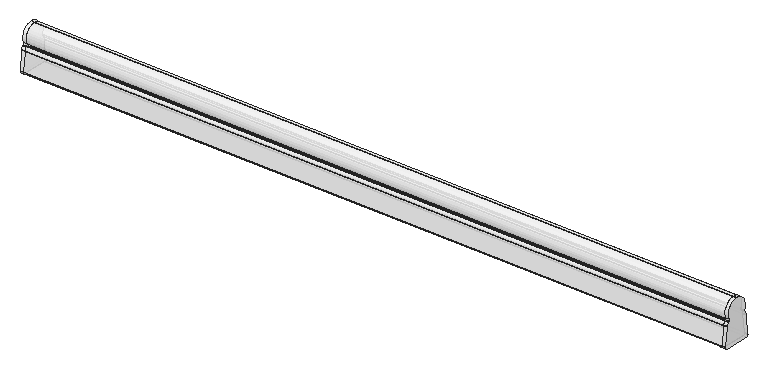
Revit family "0051032 Sylvania Lighting Fixture LED PIPE G2 L600 NW", category Lighting Fixtures, host Face, Revit 2016
Family settings
  Host = Face
  Part Type = Normal
  Round Connector Dimension = Use Diameter
  OmniClass Number = 23.80.70.00
  OmniClass Title = Lighting
  Cut with Voids When Loaded = No
  Light Source = Yes
  Shared = No
  Room Calculation Point = No
Parameters (values of type "0051032 LED PIPE G2 L600 NW")
  Width_SYL = 24 mm
  Weight = "3.76 kg"
  Wattage Comments = ""
  Wattage = 7 W
  WarrantyStartDate [instance] = "n/a"
  WarrantyGuarantorParts = "n/a"
  WarrantyDurationUnit = "n/a"
  WarrantyDurationParts = "n/a"
  WarrantyDescription = "n/a"
  built-in parameter 1150110 = 1 (stored number, unit not read)
  Voltage = 230 V
  URL = "http://www.sylvania-lighting.com"
  TypeName = "LED PIPE G2 L600 NW"
  Type Image = <None>
  Type Comments = "n/a"
  built-in parameter 1114217 = 1 (stored number, unit not read)
  Tilt Angle = -90.00°
  built-in parameter 1150109 = 1 (stored number, unit not read)
  built-in parameter 1150134 = 12
  built-in parameter 1150113 = 1 (stored number, unit not read)
  SerialNumber [instance] = "n/a"
  RadiusTop_SYL = 9.1 mm
  RadiusSmall_SYL = 1.002 mm
  RadiusShoulder_SYL = 4.5 mm
  RadiusBottom_SYL = 1.5 mm
  Photometric Web File = "0051032.ies"
  Material_3_FEILO = none
  PowerFactor = 0.9
  PowerConsumption = "7 W"
  NominalLength = 600 mm
  NominalHeight = 35 mm
  NominalDepth = 24 mm
  Name = "LED PIPE G2 L600 NW"
  ModelReference = Name  # "LED PIPE G2 L600 NW"
  ModelNumber = "0051032"
  Model = Name  # "LED PIPE G2 L600 NW"
  Material = "pc housing, pc diffuser"
  ManufacturerName = "Feilo Sylvania"
  Manufacturer = "Feilo Sylvania"
  LuminousEfficacy = "100 lm/W"
  built-in parameter 1150105 = 140.86 (stored number, unit not read)
  Lumens = 700 lm
  LuminaireType = ""
  built-in parameter 1150115 = 1 (stored number, unit not read)
  LightOutputRatio = "n/a"
  built-in parameter 1150137 = (empty or 0)
  built-in parameter 1150139 = (empty or 0)
  Length_SYL = 600 mm
  LampsType = Lamp  # "LED"
  LampNominalLuminous = "700 lm"
  LampMacAdamStep = "6"
  LampColourTemperature = "4000 K"
  LampColourRenderingIndex = "80"
  built-in parameter 1150112 = 1 (stored number, unit not read)
  built-in parameter 1150114 = 1 (stored number, unit not read)
  Lamp = "LED"
  Keynote = "16500"
  InstallationDate [instance] = "n/a"
  InputVoltage = "220-240V~"
  InputNominalFrequency = "50/60 Hz"
  built-in parameter 1150132 = (empty or 0)
  built-in parameter 1150102 = (empty or 0)
  built-in parameter 1150107 = 4000 (stored number, unit not read)
  built-in parameter 1150138 = (empty or 0)
  IngressProtection = "IP20"
  ImpactProtectionIndex = "IK02"
  built-in parameter 1150106 = 1.4086 (stored number, unit not read)
  IfcExportType = "IfcLightFixtureType"
  IfcExportAs = "IfcLightFixtureType"
  Height_SYL = 35 mm
  ExpectedLife = 50000
  built-in parameter 1150127 = 10 mm
  Emit from Rectangle Length = Length_SYL - 6 mm  # 594 mm
  Emit Shape Visible in Rendering = no
  ElectricShockClassification = "Class II"
  built-in parameter 1150104 = 9.2903 (stored number, unit not read)
  DurationUnit = "hours"
  DocumentationLiterature = "http://www.sylvania-lighting.com/product/en-int/products/0051032"
  DimmingControlOptions = "n/a"
  Material_2_FEILO = LED-Sylvania-ledpipe
  Dimming Lamp Color Temperature Shift = <None>
  Description = "LED T5 replacement batten, seamless linking (up to 10M), Ideal for direct lighting such as under cabinet or in kitchens, 150 degree beam angle, includes switch, includes 0.30m stripped cable, white polycarbonate body, includes standard and tilting brackets"
  Default Elevation = 1219.2 mm
  CreatedOn = "6/11/2018"
  CreatedBy = "aron.fodor@sylvania-lighting.com"
  Cost = 0
  Color Filter = 16777215
  built-in parameter 1114216 [instance] = (empty or 0)
  ClassificationValue = "EF_70_80"
  ClassificationName = "Uniclass2015"
  Material_1_FEILO = Body-Sylvania-ledpipe
  BarCode [instance] = "n/a"
  built-in parameter 1114218 = 1 (stored number, unit not read)
  Emit from Rectangle Width = 3048 mm
  AssetType = "Fixed"
  AssetIdentifier [instance] = "n/a"
  Assembly Code = "D5020200"
  Apparent Load = 7 VA
  Material_4_FEILO = none
Reference planes
  plane 1 "Center (Front/Back)": y = 0
  plane 2: z = 0
  plane 3 "Center (Left/Right)": x = 0
  plane 4: y = 12
  plane 5: y = -12
  plane 6: z = 35
  plane 7: z = 25.8
  plane 8: y = -10
  plane 9: z = 18.8
  plane 10: z = 21
  plane 11: x = 300
  plane 12: x = -300
  plane 13: x = 297
  plane 14: x = -297
Forms (mm)
  Extrusion 1, solid, material "Body-Sylvania-ledpipe" <- "Material_1_FEILO"
    sketch origin (0, 0, 0) x (0, 1, 0) y (0, 0, 1)
      loop
        arc (-11.824, 1.659) -> (-11.447, 0.497) -> (-10.332, 0) r 1.5
        line (-10.332, 0) -> (10.332, 0)
        arc (10.332, 0) -> (11.447, 0.497) -> (11.824, 1.659) r 1.5
        line (11.824, 1.659) -> (10.168, 17.219)
        arc (10.168, 17.219) -> (9.754, 18.682) -> (8.875, 19.925) r 4.5
        line (8.875, 19.925) -> (8.294, 20.506)
        arc (8.294, 20.506) -> (8.012, 21.058) -> (8.109, 21.67) r 1.002
        arc (8.109, 21.67) -> (7.759, 30.556) -> (0, 34.9) r 9.1
        arc (0, 34.9) -> (-7.759, 30.556) -> (-8.109, 21.67) r 9.1
        arc (-8.109, 21.67) -> (-8.012, 21.058) -> (-8.294, 20.506) r 1.002
        line (-8.294, 20.506) -> (-8.875, 19.925)
        arc (-8.875, 19.925) -> (-9.754, 18.682) -> (-10.168, 17.219) r 4.5
        line (-10.168, 17.219) -> (-11.824, 1.659)
    from -297 to 297
  Extrusion 2, solid, material "Body-Sylvania-ledpipe" <- "Material_1_FEILO"
    sketch origin (297, -4572, 2609.058) x (0, 0, 1) y (0, -1, 0)
      loop
        arc (-2587.388, -4580.109) -> (-2578.502, -4579.759) -> (-2574.158, -4572) r 9.1
        arc (-2574.158, -4572) -> (-2578.502, -4564.241) -> (-2587.388, -4563.891) r 9.1
        arc (-2587.388, -4563.891) -> (-2588, -4563.988) -> (-2588.552, -4563.706) r 1.002
        line (-2588.552, -4563.706) -> (-2589.134, -4563.125)
        arc (-2589.134, -4563.125) -> (-2590.376, -4562.246) -> (-2591.84, -4561.832) r 4.5
        line (-2591.84, -4561.832) -> (-2607.399, -4560.176)
        arc (-2607.399, -4560.176) -> (-2608.561, -4560.553) -> (-2609.058, -4561.668) r 1.5
        line (-2609.058, -4561.668) -> (-2609.058, -4582.332)
        arc (-2609.058, -4582.332) -> (-2608.561, -4583.447) -> (-2607.399, -4583.824) r 1.5
        line (-2607.399, -4583.824) -> (-2591.84, -4582.168)
        arc (-2591.84, -4582.168) -> (-2590.376, -4581.754) -> (-2589.134, -4580.875) r 4.5
        line (-2589.134, -4580.875) -> (-2588.552, -4580.294)
        arc (-2588.552, -4580.294) -> (-2588, -4580.012) -> (-2587.388, -4580.109) r 1.002
    from 0 to 3
  Extrusion 3, solid, material "Body-Sylvania-ledpipe" <- "Material_1_FEILO"
    sketch origin (-297, -4572, 2609.058) x (0, 0, 1) y (0, -1, 0)
      loop
        arc (-2587.388, -4580.109) -> (-2578.502, -4579.759) -> (-2574.158, -4572) r 9.1
        arc (-2574.158, -4572) -> (-2578.502, -4564.241) -> (-2587.388, -4563.891) r 9.1
        arc (-2587.388, -4563.891) -> (-2588, -4563.988) -> (-2588.552, -4563.706) r 1.002
        line (-2588.552, -4563.706) -> (-2589.134, -4563.125)
        arc (-2589.134, -4563.125) -> (-2590.376, -4562.246) -> (-2591.84, -4561.832) r 4.5
        line (-2591.84, -4561.832) -> (-2607.399, -4560.176)
        arc (-2607.399, -4560.176) -> (-2608.561, -4560.553) -> (-2609.058, -4561.668) r 1.5
        line (-2609.058, -4561.668) -> (-2609.058, -4582.332)
        arc (-2609.058, -4582.332) -> (-2608.561, -4583.447) -> (-2607.399, -4583.824) r 1.5
        line (-2607.399, -4583.824) -> (-2591.84, -4582.168)
        arc (-2591.84, -4582.168) -> (-2590.376, -4581.754) -> (-2589.134, -4580.875) r 4.5
        line (-2589.134, -4580.875) -> (-2588.552, -4580.294)
        arc (-2588.552, -4580.294) -> (-2588, -4580.012) -> (-2587.388, -4580.109) r 1.002
    from 0 to -3
Lines and regions (mm)
  reference lines
    curve 1: circle (0, 0, 25.8) r 9.1 normal (1, 0, 0)
    curve 2: line (0, -12, 0) -> (0, -10, 18.8)
Dimensions and locks
  equal spacing: plane 5, plane 1 "Center (Front/Back)", plane 4
  "Width_SYL": plane 5 to plane 4
  "Height_SYL": plane 6 to plane 2
  locked: plane 6 to plane 7 at 9.2
  locked: plane 5 to plane 8 at 2
  locked: plane 7 to plane 9 at 7
  locked: plane 10 to plane 9 at 2.2
  equal spacing: plane 11, plane 3 "Center (Left/Right)", plane 12
  "Length_SYL": plane 11 to plane 12
  equal spacing: plane 13, plane 3 "Center (Left/Right)", plane 14
  locked: plane 14 to plane 12 at 3
  "RadiusTop_SYL": radius of curve 1
  "RadiusSmall_SYL": radius of Extrusion 1 sketch curve
  "RadiusShoulder_SYL": radius of Extrusion 1 sketch curve
  "RadiusTop_SYL": radius of Extrusion 1 sketch curve
  "RadiusBottom_SYL": radius of Extrusion 1 sketch curve  (x2)
  aligned and locked: plane 2 to host face
  aligned and locked: level to host face
  aligned and locked: plane 7 to curve 1
  aligned and locked: plane 1 "Center (Front/Back)" to curve 1
  aligned and locked: plane 8 to curve 2
  aligned and locked: curve 2 to Extrusion 1 sketch curve  (x2)
  aligned and locked: plane 7 to Extrusion 1 sketch curve
  aligned and locked: plane 1 "Center (Front/Back)" to Extrusion 1 sketch curve
  aligned and locked: Extrusion 1 sketch curve to level
  aligned and locked: plane 13 to Extrusion 1
  aligned and locked: Extrusion 1 to plane 14
  aligned and locked: Extrusion 2 sketch curve to Extrusion 1  (x8)
  aligned and locked: plane 11 to Extrusion 2
  aligned and locked: Extrusion 2 to Extrusion 1
  aligned and locked: Extrusion 3 sketch curve to Extrusion 2  (x8)
  aligned and locked: Extrusion 3 to Extrusion 1
  aligned and locked: Extrusion 3 to plane 12
  aligned and locked: imposter light to plane 1 "Center (Front/Back)"
  aligned and locked: plane 6 to imposter light
  aligned and locked: plane 3 "Center (Left/Right)" to imposter light
Automatic sketch dimensions
  host sketch curve to host sketch curve = 2438.4 mm  (x2)
  curve 2 to level = 0 mm
  curve 2 to plane 5 = 0 mm
  curve 2 to plane 9 = 0 mm
  Extrusion 1 sketch curve to Extrusion 1 sketch curve = 0 mm
  Extrusion 1 sketch curve to plane 5 = 0.176 mm
  plane 8 to Extrusion 1 sketch curve = 0.168 mm
  plane 10 to Extrusion 1 sketch curve = 0.215 mm  (x2)
  Extrusion 1 sketch curve to plane 8 = 0.998 mm
  Extrusion 1 sketch curve to plane 10 = 1.075 mm  (x2)
  Extrusion 1 sketch curve to plane 10 = 0.494 mm  (x2)
  Extrusion 1 sketch curve to plane 9 = 2.057 mm
  Extrusion 1 sketch curve to plane 1 "Center (Front/Back)" = 5.693 mm
  plane 4 to Extrusion 1 sketch curve = 3.706 mm
  Extrusion 1 sketch curve to Extrusion 1 sketch curve = 0.582 mm
  Extrusion 1 sketch curve to Extrusion 1 sketch curve = 0.709 mm
  Extrusion 1 sketch curve to plane 9 = 1.581 mm
  plane 4 to Extrusion 1 sketch curve = 1.668 mm
  plane 4 to Extrusion 1 sketch curve = 0.176 mm
  Extrusion 2 sketch curve to Extrusion 2 sketch curve = 0.159 mm
  Extrusion 2 sketch curve to plane 5 = 0.176 mm
  plane 8 to Extrusion 2 sketch curve = 0.168 mm
  Extrusion 2 sketch curve to plane 9 = 1.581 mm
  Extrusion 2 sketch curve to plane 10 = 0.494 mm  (x2)
  Extrusion 2 sketch curve to Extrusion 2 sketch curve = 0.127 mm
  Extrusion 2 sketch curve to Extrusion 2 sketch curve = 0.582 mm
  Extrusion 3 sketch curve to Extrusion 3 sketch curve = 0.159 mm
  Extrusion 3 sketch curve to plane 5 = 0.176 mm
  plane 8 to Extrusion 3 sketch curve = 0.168 mm
  Extrusion 3 sketch curve to plane 9 = 1.581 mm
  Extrusion 3 sketch curve to plane 10 = 0.494 mm  (x2)
  Extrusion 3 sketch curve to Extrusion 3 sketch curve = 0.127 mm
  Extrusion 3 sketch curve to Extrusion 3 sketch curve = 0.582 mm
Connectors
  electrical at (0, 0, 0), driven by "Apparent Load", driven by "PowerFactor", driven by "Voltage"
    settings: index 1, voltage 230 V, apparent load 7 VA, apparent load phase1 0 VA, apparent load phase2 0 VA, apparent load phase3 0 VA, power factor 0.9, load classification "Lighting", number of poles 1, system type 30, power factor state 1, is connector primary yes, connector utility no, sub classification motor no, connector description ""
